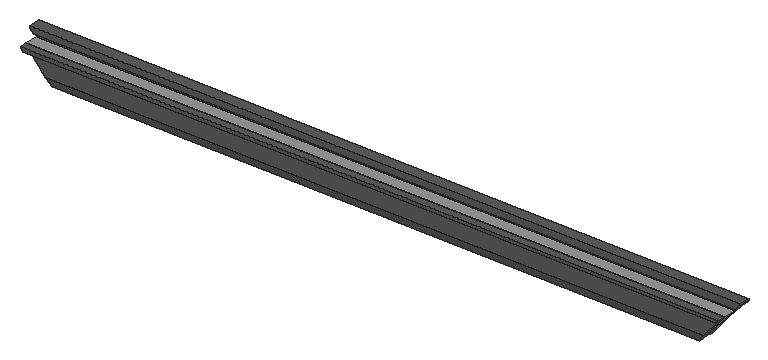
Revit family "CC4_EDGE BEAM 27 2,32_1870760", category Generic Models, Revit 2018
Family settings
  Can host rebar = No
  Round Connector Dimension = Use Diameter
  Part Type = Normal
  OmniClass Number = 35.51.14.00
  OmniClass Title = FORMWORK
  Work Plane-Based = Yes
  Always vertical = No
  Cut with Voids When Loaded = No
  Shared = Yes
  Room Calculation Point = No
Parameters
  VERSION = "20190101"  # constant formula
  URL = "www.ulmaconstruction.com/en"
  UNICLASS = ""
  ITEM_CODE = "1870760"
  Manufacturer = "ULMA CONSTRUCTION"  # constant formula
  FILTER [instance] = ""
  Default Elevation = 0.000 mm
  CLASSIFICATION_TITLE = ""
  CLASSIFICATION_NUMBER = ""
Reference planes
  plane 1 "Centro (Frontal/Posterior)": y = 0
  plane 2: z = 0
  plane 3 "Centro (Izquierda/Derecha)": x = 0
  plane 4 "ITEM_LENGTH": x = -2320
Forms (mm)
  Extrusion 1, solid, material "ULMA BLACK", detail levels fine
    sketch origin (0, 0, 0) x (0, 1, 0) y (0, 0, 1)
      loop
        line (0, 0) -> (-35, 0) -> (-35, -20) -> (-30.5, -20) -> (-30.5, -78) -> (-71.5, -78) -> (-71.5, -27) -> (-94.5, -27) -> (-94.5, -38.2) -> (-74.5, -38.2) -> (-74.5, -102.8) -> (-66.639, -125) -> (-56.703, -125) -> (-59.287, -105.365)
        arc (-59.287, -105.365) -> (-57.058, -102.254) -> (-53.807, -104.275) r 2.8
        line (-53.807, -104.275) -> (-51.36, -113.407) -> (-30.939, -118.878) -> (-27.5, -116.73) -> (-27.5, -31.2) -> (-7.5, -31.2) -> (-7.5, -20) -> (0, -20) -> (0, 0)
    from -2285 to -35
  Extrusion 2, solid, material "ULMA POLYPROPYLENE BLACK"
    sketch origin (0, 0, 0) x (0, 1, 0) y (0, 0, 1)
      loop
        line (-71.5, -27) -> (-71.5, -78) -> (-30.5, -78) -> (-30.5, -27) -> (-71.5, -27)
    from -2285 to -35
  Extrusion 3, void
    sketch origin (0, 0, 0) x (1, 0, 0) y (0, 0, 1)
      loop
        line (-2285, -7) -> (-2290, -7) -> (-2290, -130) -> (-2185.986, -130) -> (-2185.986, -125) -> (-2285, -7)
    from 0 to 100
  Extrusion 4, void
    sketch origin (0, 0, 0) x (1, 0, 0) y (0, 0, 1)
      loop
        line (-134.014, -125) -> (-134.014, -127) -> (-33, -127) -> (-33, -7) -> (-35, -7) -> (-134.014, -125)
    from 0 to 100
  Extrusion 5, solid, material "ULMA BLACK", detail levels coarse+medium
    sketch origin (0, 0, 0) x (0, 1, 0) y (0, 0, 1)
      loop
        line (-35, 0) -> (-35, -20) -> (-30.5, -20) -> (-30.5, -78) -> (-71.5, -78) -> (-71.5, -27) -> (-94.5, -27) -> (-94.5, -38.2) -> (-74.5, -38.2) -> (-74.5, -125) -> (-27.5, -125) -> (-27.5, -31.2) -> (0, -31.2) -> (0, 0) -> (-35, 0)
    from -2285 to -35
Cuts and joins
  Extrusion 3, Extrusion 4 cuts Extrusion 1
  Extrusion 3, Extrusion 4 cuts Extrusion 2
  Extrusion 3, Extrusion 4 cuts Extrusion 5
Dimensions and locks
  locked: plane 3 "Centro (Izquierda/Derecha)" to plane 4 "ITEM_LENGTH" at 2320
  aligned and locked: level to plane 2
